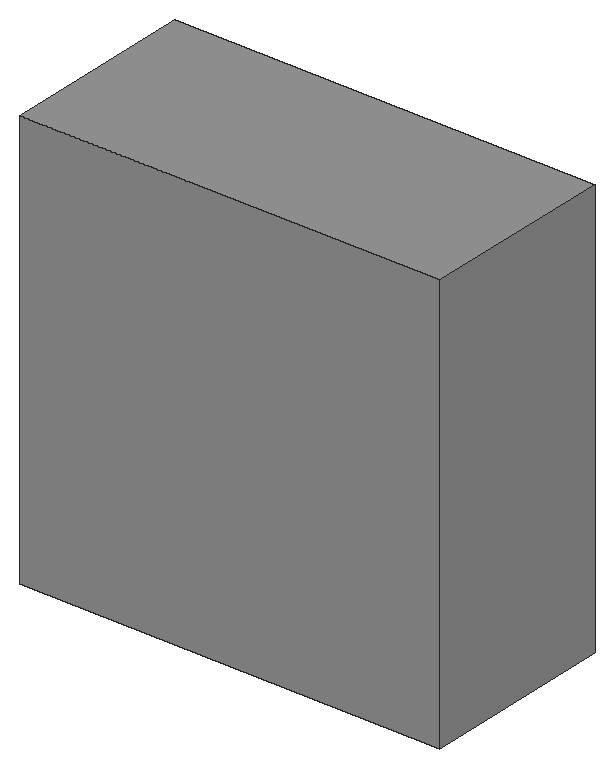
Revit family "EA_Hausanschluss_V1700", category Elektrische Ausstattung, Revit 2017
Family settings
  Schalttafelkonfiguration = 2 Spalten, Stromkreise nach rechts
  Bemaßung runder Anschluss = Durchmesser verwenden
  Teiletyp = Verteilerkasten
  OmniClass-Nummer = 23.80.00.00
  OmniClass-Titel = Electric Power and Lighting
  Arbeitsebenenbasiert = Nein
  Immer vertikal = Ja
  Beim Laden mit Abzugskörper schneiden = Ja
  Gemeinsam genutzt = Nein
  Raumberechnungspunkt = Nein
Parameters (values of type "400V")
  pbr_Material_KZ = ""
  pbr_Material = none
  pbr_E_Typ = ""
  pbr_E_KZ = ""
  pbr_DINBild = 0
  pbr_Bild = 0
  cpiFitMatchKey [instance] = "E-BM-BMPA"
  Wirkleistung [instance] = 0 W
  Winkel [instance] = 90.00°
  Typ [instance] = ""
  Tiefe = 37 mm
  Text3 [instance] = ""
  Text2 [instance] = ""
  Text1 [instance] = ""
  Spannung Phase zu Phase [instance] = 0 V
  Scheinleistung [instance] = 0 VA
  Scheinlast [instance] = 0 VA
  Polig [instance] = 1
  Planungsbüro Rohling = "www.pbr.de"
  Menge(Dosenzahl) [instance] = 0
  Länge = Breite  # 80 mm
  Linie/Anschluss [instance] = ""
  Leistungsfaktor [instance] = 0
  Lastklassifizierung [instance] = none
  Lastklassifizerung = Elektro
  Installationsart [instance] = ""
  Info [instance] = ""
  Hausanschluss = yes
  Niveau [instance] = 1200 mm
  Gewerk [instance] = "Steck"
  Breite = 80 mm
  Anlaufstrom [instance] = 0
Reference planes
  plane 1 "Mitte (Vorne/Hinten)": y = 0
  plane 2: z = 0
  plane 3 "Mitte (Links/Rechts)": x = 22.5
  plane 4: x = -127.5
  plane 5: x = 172.5
  plane 6: y = 300
  plane 7 "Schalterhinten": y = 0
  plane 8: x = -2977.5
  plane 9: x = 22.5
  plane 10: x = -1977.5
  plane 11: x = -17.5
  plane 12: x = 62.5
  plane 13: z = 1240
  plane 14: z = 1160
  plane 15 "SchalterVorne": y = 37
  plane 16 "3DMitte": x = 22.5
  plane 17 "Achse": z = 1200
  plane 18: z = 1197.5
  plane 19: z = 1202.5
  plane 20 "2DMitte": y = 150
Forms (mm)
  Extrusion 1, solid, material "Stahl, weich, geschweißt"
    sketch origin (0, 20, 0) x (0, 0, 1) y (-1, 0, 0)
      loop
        line (1160, 17.5) -> (1160, -62.5) -> (1240, -62.5) -> (1240, 17.5) -> (1160, 17.5)
    from -17 to 20
Dimensions and locks
  locked: plane 6 to plane 7 "Schalterhinten" at 300
  locked: plane 8 to plane 9 at 3000
  plane 8 to plane 3 "Mitte (Links/Rechts)" = 3000 mm
  locked: plane 1 "Mitte (Vorne/Hinten)" to plane 7 "Schalterhinten"
  "Breite": plane 12 to plane 11
  "Länge": plane 13 to plane 14
  plane 9 to plane 10 = 2000 mm
  equal spacing: plane 12, plane 16 "3DMitte", plane 11
  locked: plane 16 "3DMitte" to plane 10 at 2000
  equal spacing: plane 13, plane 17 "Achse", plane 14
  "Niveau": plane 17 "Achse" to level
  "Tiefe": plane 15 "SchalterVorne" to plane 1 "Mitte (Vorne/Hinten)"
  plane 13 to plane 18 = 42.5 mm
  plane 19 to plane 14 = 42.5 mm
  equal spacing: plane 4, plane 9, plane 5, locked at 150 each
  locked: plane 4 to plane 5 at 300
  equal spacing: plane 6, plane 20 "2DMitte", plane 7 "Schalterhinten", locked at 150 each
  aligned and locked: level to plane 2
  aligned and locked: Extrusion 1 sketch curve to plane 14
  aligned and locked: Extrusion 1 sketch curve to plane 11
  aligned and locked: Extrusion 1 sketch curve to plane 13
  aligned and locked: plane 12 to Extrusion 1 sketch curve
  aligned and locked: plane 1 "Mitte (Vorne/Hinten)" to Extrusion 1
  aligned and locked: Extrusion 1 to plane 15 "SchalterVorne"
  aligned and locked: nested 1 to plane 9
  aligned and locked: nested 1 to plane 7 "Schalterhinten"
Nested families
  nested 1: "Hausanschluss" at (22.5, 0, 0), visible <- "Hausanschluss", type "Hausanschluss"
Connectors
  electrical at (22.5, 0, 1200)
    settings: on Extrusion 1, index 1, voltage 0 V, apparent load 0 VA, apparent load phase1 0 VA, apparent load phase2 0 VA, apparent load phase3 0 VA, power factor 1, load classification "Sonstige", number of poles 1, system type 31, power factor state 1, is connector primary yes, connector utility no, sub classification motor no, connector description ""
Definition of nested family "Hausanschluss"
  Reference planes
    plane 1 "Mitte (Vorne/Hinten)": y = 0
    plane 2: z = 0
    plane 3 "Mitte (Links/Rechts)": x = 0
  Lines and regions (mm)
    detail lines, in view "Referenzebene"
      curve 1: line (-253.089, 225, 0) -> (246.911, 225, 0)
      curve 2: line (146.911, 0, 0) -> (-153.089, 0, 0)
      curve 3: line (-153.089, 0, 0) -> (-153.089, 450, 0)
      curve 4: line (-153.089, 450, 0) -> (146.911, 450, 0)
      curve 5: line (146.911, 450, 0) -> (146.911, 0, 0)
